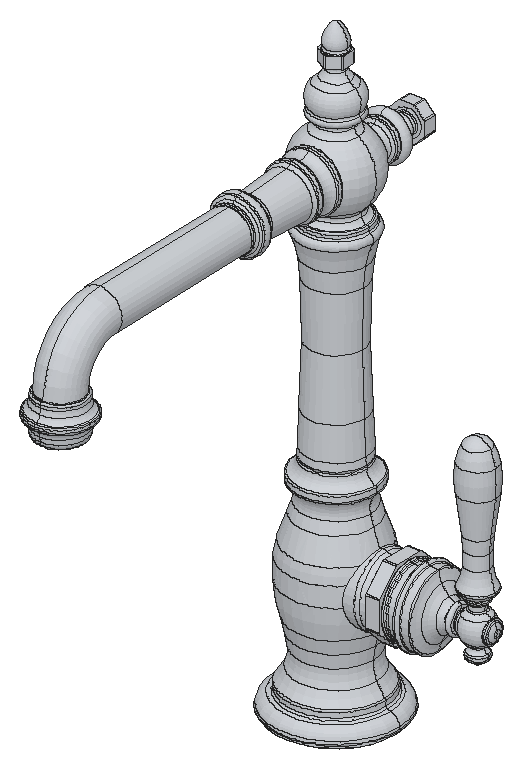
Revit family "Faucet-Bar-KOHLER-Artifacts-K-99267_1", category Plumbing Fixtures, host Face, Revit 2015
Parameters (values of type "CP - Polished Chrome")
  Width = 2 5/8"  # constant formula
  Waste Water Outlet = "Waste Water Outlet"  # constant formula
  Waste Connection = 1 = 0  # no
  Vent Connection = 1 = 0  # no
  URL = "https://www.us.kohler.com/us/"
  Type = 1
  Spout Reach = 7"  # constant formula
  Product Page URL = "http://www.us.kohler.com/us/catalog/productDetails.jsp?productNumber=99267"
  Product Name = "Artifacts"  # constant formula
  Product Documentation Link = "http://www.us.kohler.com/onlinecatalog/pdf/K-99267_spec.pdf"
  Pressure = 60.00 psi  # constant formula
  Model = if(Type = 1, "K-99267-CP", if(Type = 2, "K-99267-SN", if(Type = 3, "K-99267-VS", if(Type = 4, "K-99267-2BZ", "NA"))))  # "K-99267-CP"
  Material = "Premium Metal Construction"  # constant formula
  MasterFormat 2004 = "22.41.39"  # constant formula
  MasterFormat 1995 = "15410"  # constant formula
  Manufacturer Address = "444 Highland Dr, Kohler, WI 53044"  # constant formula
  Manufacturer = "KOHLER Co."  # constant formula
  Length = 9 13/16"  # constant formula
  Hot Water Inlet = "Hot Water Inlet"  # constant formula
  Height = 12 9/16"  # constant formula
  Handle Clearance = 2 1/2"  # constant formula
  HW Connection = 1 = 1  # yes
  Flow Rate = 1.5 GPM  # constant formula
  Finish = Kohler-Metal-CP-Polished_Chrome
  Faucet Hole Spacing = 0"
  Environmental Product Declaration = ""
  Drain Included = 1 = 0  # no
  Description = "Bar sink faucet, Victorian spout design"  # constant formula
  Default Elevation = 36"
  Declare Label = ""
  Date Modified = "10/15/2018"  # constant formula
  Date Created = "10/15/2018"  # constant formula
  Copyright = "Copyright KOHLER Co."  # constant formula
  Contact Us = "https://www.us.kohler.com/us/static/contact.jsp"
  Cold Water Inlet = "Cold Water Inlet"  # constant formula
  CW Connection = 1 = 1  # yes
  Assembly Code = "D2010"
  ADA Compliant = 1 = 1  # yes
Reference planes (in)
  plane 1 "Center (Front/Back)": y = 0
  plane 2: z = 0
  plane 3 "Center (Left/Right)": x = 0
  plane 4: y = 2.16758
  plane 5: y = -7.64492
  plane 6: x = -1.3125
  plane 7: z = 12.5625
  plane 8: y = -7
  plane 9: x = 1.3125
Dimensions and locks (in)
  "Height": level to plane 7
  "Spout Reach": plane 1 "Center (Front/Back)" to plane 8
  "Length": plane 4 to plane 5
  "Width": plane 6 to plane 9
  aligned and locked: plane 2 to host face
  aligned and locked: level to host face
Automatic sketch dimensions
  host sketch curve to host sketch curve = 96"  (x2)
Nested families (in)
  nested 1: "K-99267" at (0, 0, 0), type "K-99267"
Connectors (in)
  piping at (-0.48354, 0, 0), diameter 0.375, driven by "Flow Rate", driven by "Pressure", driven by "HW Connection", driven by "Hot Water Inlet"
    settings: on nested 1, index 1, connector inside diameter 24", connector length 0", flow factor 0, pipe flow 1.5 GPM, pressure drop 60.00 psi, fitting loss kfactor 0, connector angle 0.00°, fixture units 0, engagement length 0", angle of deflection 0.00°, flow configuration 1, flow direction 1, fitting loss method 4, system type 19, joint type 0, gender type 0, connector reference index -1, connector utility 1, adjustable connector no, is connector primary yes, connector description "Hot Water Inlet"
  piping at (0.48354, 0, 0), diameter 0.375, driven by "Flow Rate", driven by "Pressure", driven by "CW Connection", driven by "Cold Water Inlet"
    settings: on nested 1, index 2, connector inside diameter 24", connector length 0", flow factor 0, pipe flow 1.5 GPM, pressure drop 60.00 psi, fitting loss kfactor 0, connector angle 0.00°, fixture units 0, engagement length 0", angle of deflection 0.00°, flow configuration 1, flow direction 1, fitting loss method 4, system type 20, joint type 0, gender type 0, connector reference index -1, connector utility 1, adjustable connector no, is connector primary no, connector description "Cold Water Inlet"
Definition of nested family "K-99267"
  Parameters (values of type "K-99267")
    Material = none
  Reference planes (in)
    plane 1 "Center (Front/Back)": y = 0
    plane 2: z = 0
    plane 3 "Center (Left/Right)": x = 0
    plane 4: y = 2.16758
    plane 5: y = -7.64492
    plane 6: x = -1.3125
    plane 7: x = 1.3125
    plane 8: x = 2.29513
    plane 9: z = 6
    plane 10: y = -7
    plane 11: z = 8
    plane 12: z = 12.5625
  Forms (in)
    Revolve 1, solid, material <- "Material", detail levels medium+fine
      sketch origin (0, 0, 0) x (1, 0, 0) y (0, 0, 1)
        loop
          arc (-0.60161, 4.70084) -> (-0.61895, 4.69369) -> (-0.6262, 4.6764) r 0.02459
          arc (-0.6262, 4.6764) -> (-0.67457, 4.53002) -> (-0.7996, 4.43985) r 0.25
          arc (-0.7996, 4.43985) -> (-0.81445, 4.42911) -> (-0.82013, 4.41168) r 0.0296
          line (-0.82013, 4.41168) -> (-0.82013, 4.30357)
          arc (-0.82013, 4.30357) -> (-0.81558, 4.28167) -> (-0.80267, 4.26341) r 0.05492
          arc (-0.80267, 4.26341) -> (-0.69998, 4.09461) -> (-0.70009, 3.89703) r 0.36568
          arc (-0.70009, 3.89703) -> (-0.73504, 3.78372) -> (-0.77562, 3.6723) r 2.36552
          arc (-0.77562, 3.6723) -> (-0.86483, 3.43077) -> (-0.94403, 3.18577) r 6.26197
          arc (-0.94403, 3.18577) -> (-0.97996, 3.03558) -> (-0.99847, 2.88227) r 1.34785
          arc (-0.99847, 2.88227) -> (-1.00611, 2.68179) -> (-1.00381, 2.48118) r 4.04828
          arc (-1.00381, 2.48118) -> (-0.97046, 2.14962) -> (-0.89509, 1.82502) r 2.60678
          arc (-0.89509, 1.82502) -> (-0.85331, 1.67891) -> (-0.81552, 1.53171) r 5.58851
          arc (-0.81552, 1.53171) -> (-0.78736, 1.39408) -> (-0.76916, 1.25477) r 1.9555
          arc (-0.76916, 1.25477) -> (-0.77612, 1.06984) -> (-0.83097, 0.89309) r 0.705
          arc (-0.83097, 0.89309) -> (-0.90566, 0.75434) -> (-0.99679, 0.62579) r 1.28478
          arc (-0.99679, 0.62579) -> (-1.00635, 0.60862) -> (-1.00967, 0.58925) r 0.05826
          line (-1.00967, 0.58925) -> (-1.00967, 0.49075)
          arc (-1.00967, 0.49075) -> (-1.01787, 0.4641) -> (-1.03965, 0.44668) r 0.04739
          arc (-1.03965, 0.44668) -> (-1.07441, 0.4335) -> (-1.10953, 0.4213) r 1.33753
          arc (-1.10953, 0.4213) -> (-1.22687, 0.34456) -> (-1.29092, 0.21985) r 0.27414
          arc (-1.29092, 0.21985) -> (-1.29622, 0.19122) -> (-1.29963, 0.1623) r 0.44344
          arc (-1.29963, 0.1623) -> (-1.29424, 0.14655) -> (-1.279, 0.13985) r 0.0207
          line (-1.279, 0.13985) -> (-1.24047, 0.13985) -> (-1.24047, 0.06985) -> (-1.12281, 0.06985) -> (-1.13519, 0.02364)
          arc (-1.13519, 0.02364) -> (-1.13254, 0.00811) -> (-1.11904, 0) r 0.01887
          line (-1.11904, 0) -> (0, 0) -> (0, 12.61984)
          spline (0, 12.61984) -> (-0.04161, 12.60869) -> (-0.077, 12.5839) -> (-0.10737, 12.55153) -> (-0.13376, 12.51621) -> (-0.1569, 12.47946) -> (-0.17736, 12.4414) -> (-0.19572, 12.40212) -> (-0.21192, 12.36165) -> (-0.22396, 12.31982) -> (-0.22946, 12.27644) -> (-0.22656, 12.23183) -> (-0.21599, 12.18876)
          arc (-0.21599, 12.18876) -> (-0.21435, 12.1565) -> (-0.22989, 12.12818) r 0.05923
          arc (-0.22989, 12.12818) -> (-0.23933, 12.11387) -> (-0.24264, 12.09706) r 0.04434
          line (-0.24264, 12.09706) -> (-0.24264, 11.92036)
          arc (-0.24264, 11.92036) -> (-0.23586, 11.89313) -> (-0.21709, 11.87226) r 0.05803
          arc (-0.21709, 11.87226) -> (-0.18311, 11.82736) -> (-0.18367, 11.77104) r 0.08718
          arc (-0.18367, 11.77104) -> (-0.22431, 11.68917) -> (-0.28352, 11.61954) r 0.37575
          arc (-0.28352, 11.61954) -> (-0.34031, 11.5678) -> (-0.39762, 11.51665) r 7.39438
          arc (-0.39762, 11.51665) -> (-0.50632, 11.3211) -> (-0.46787, 11.1007) r 0.3354
          arc (-0.46787, 11.1007) -> (-0.46237, 11.06813) -> (-0.4789, 11.03953) r 0.04875
          arc (-0.4789, 11.03953) -> (-0.50273, 10.97539) -> (-0.46015, 10.92183) r 0.06962
          arc (-0.46015, 10.92183) -> (-0.43731, 10.91269) -> (-0.41438, 10.90376) r 2.62318
          arc (-0.41438, 10.90376) -> (-0.36938, 10.86385) -> (-0.36174, 10.80418) r 0.08561
          arc (-0.36174, 10.80418) -> (-0.39579, 10.72835) -> (-0.4556, 10.67061) r 0.21958
          arc (-0.4556, 10.67061) -> (-0.82416, 10.06575) -> (-0.58459, 9.39919) r 0.82077
          arc (-0.58459, 9.39919) -> (-0.54942, 9.36002) -> (-0.51913, 9.31695) r 0.44309
          arc (-0.51913, 9.31695) -> (-0.50298, 9.2715) -> (-0.50693, 9.22343) r 0.1147
          arc (-0.50693, 9.22343) -> (-0.54073, 9.16101) -> (-0.59638, 9.11694) r 0.17662
          arc (-0.59638, 9.11694) -> (-0.61529, 9.11088) -> (-0.63514, 9.11099) r 0.06323
          arc (-0.63514, 9.11099) -> (-0.6554, 9.10538) -> (-0.66423, 9.0863) r 0.02502
          line (-0.66423, 9.0863) -> (-0.66423, 9.02526)
          arc (-0.66423, 9.02526) -> (-0.67171, 8.99859) -> (-0.69197, 8.97969) r 0.0513
          arc (-0.69197, 8.97969) -> (-0.74811, 8.91477) -> (-0.74395, 8.82905) r 0.11547
          arc (-0.74395, 8.82905) -> (-0.66123, 8.60778) -> (-0.6109, 8.37697) r 1.65287
          arc (-0.6109, 8.37697) -> (-0.58558, 8.17152) -> (-0.56871, 7.9652) r 5.04129
          arc (-0.56871, 7.9652) -> (-0.54518, 7.39733) -> (-0.54394, 6.82897) r 14.48586
          arc (-0.54394, 6.82897) -> (-0.55988, 6.20642) -> (-0.58601, 5.58421) r 38.0812
          arc (-0.58601, 5.58421) -> (-0.60156, 5.24412) -> (-0.61409, 4.90391) r 38.26456
          arc (-0.61409, 4.90391) -> (-0.61775, 4.82297) -> (-0.62351, 4.74216) r 3.13555
          arc (-0.62351, 4.74216) -> (-0.61719, 4.72369) -> (-0.59932, 4.71584) r 0.02428
          line (-0.59932, 4.71584) -> (-0.54137, 4.71584) -> (-0.56958, 4.70084) -> (-0.60161, 4.70084)
        axis (0, 12.61984) -> (0, 0)
      angle from 0 to 360
    Sweep 2, solid, material <- "Material", detail levels medium+fine
      path origin (0, 0, 0) x (0, 1, 0) y (0, 0, 1)
        loop
          line (-2.48808, 9.98117) -> (-5.98808, 9.98117)
          arc (-5.98808, 9.98117) -> (-6.70654, 9.68358) -> (-7.00413, 8.96512) r 1.01605
          line (-7.00413, 8.96512) -> (-7.00413, 8.75588)
      profile origin (0, -4.23808, 9.98117) x (0, 0, -1) y (1, 0, 0)
        loop
          circle (0, 0) r 0.4375
    Revolve 3, solid, material <- "Material", detail levels medium+fine
      sketch origin (0, 0, 0) x (0, 1, 0) y (0, 0, 1)
        loop
          line (-7.44433, 8.14538) -> (-7.00243, 8.14538) -> (-7.00243, 8.9507) -> (-7.47202, 8.9507)
          arc (-7.47202, 8.9507) -> (-7.49233, 8.94215) -> (-7.50043, 8.92166) r 0.02842
          arc (-7.50043, 8.92166) -> (-7.50012, 8.89252) -> (-7.50046, 8.86338) r 1.30593
          arc (-7.50046, 8.86338) -> (-7.50591, 8.80609) -> (-7.51952, 8.75018) r 0.40029
          arc (-7.51952, 8.75018) -> (-7.55113, 8.6865) -> (-7.60016, 8.63501) r 0.23772
          arc (-7.60016, 8.63501) -> (-7.61429, 8.62506) -> (-7.62926, 8.61644) r 0.18854
          arc (-7.62926, 8.61644) -> (-7.6407, 8.60578) -> (-7.64493, 8.59073) r 0.02893
          line (-7.64493, 8.59073) -> (-7.64493, 8.52909)
          arc (-7.64493, 8.52909) -> (-7.6403, 8.51362) -> (-7.62794, 8.50322) r 0.02819
          arc (-7.62794, 8.50322) -> (-7.60636, 8.4913) -> (-7.58744, 8.47549) r 0.12888
          arc (-7.58744, 8.47549) -> (-7.54545, 8.41731) -> (-7.52306, 8.34915) r 0.23417
          arc (-7.52306, 8.34915) -> (-7.51569, 8.2985) -> (-7.51025, 8.24762) r 1.34168
          arc (-7.51025, 8.24762) -> (-7.50036, 8.20343) -> (-7.47923, 8.16338) r 0.17105
          arc (-7.47923, 8.16338) -> (-7.46396, 8.15015) -> (-7.44433, 8.14538) r 0.04283
        axis (-7.00243, 8.9507) -> (-7.00243, 8.14538)
      angle from 0 to 360
    Revolve 4, solid, material <- "Material", detail levels medium+fine
      sketch origin (0, 0, 0) x (0, 1, 0) y (0, 0, 1)
        loop
          arc (1.14396, 9.58393) -> (1.23519, 9.48137) -> (1.36144, 9.53526) r 0.11753
          arc (1.36144, 9.53526) -> (1.40757, 9.6178) -> (1.44798, 9.70329) r 1.38853
          arc (1.44798, 9.70329) -> (1.46246, 9.73) -> (1.48144, 9.75373) r 0.17069
          arc (1.48144, 9.75373) -> (1.50573, 9.77472) -> (1.53351, 9.79078) r 0.17069
          arc (1.53351, 9.79078) -> (1.55291, 9.79091) -> (1.56584, 9.77644) r 0.02358
          arc (1.56584, 9.77644) -> (1.62127, 9.73582) -> (1.67664, 9.77652) r 0.05807
          arc (1.67664, 9.77652) -> (1.68532, 9.78895) -> (1.69955, 9.79416) r 0.02519
          arc (1.69955, 9.79416) -> (1.73008, 9.79198) -> (1.75929, 9.78285) r 0.13232
          arc (1.75929, 9.78285) -> (1.77408, 9.77363) -> (1.78577, 9.76071) r 0.06296
          arc (1.78577, 9.76071) -> (1.8005, 9.72906) -> (1.80444, 9.69437) r 0.10876
          line (1.80444, 9.69437) -> (2.05921, 9.69437)
          arc (2.05921, 9.69437) -> (2.06784, 9.71099) -> (2.08304, 9.72193) r 0.04034
          arc (2.08304, 9.72193) -> (2.1157, 9.74244) -> (2.13954, 9.77275) r 0.11287
          arc (2.13954, 9.77275) -> (2.15968, 9.81491) -> (2.17558, 9.85885) r 0.47425
          arc (2.17558, 9.85885) -> (2.18928, 9.91918) -> (2.19389, 9.98088) r 0.41597
          line (2.19389, 9.98088) -> (-2.70953, 9.98088) -> (-2.70953, 9.54367)
          arc (-2.70953, 9.54367) -> (-2.6815, 9.54205) -> (-2.65394, 9.53671) r 0.21076
          arc (-2.65394, 9.53671) -> (-2.63818, 9.53186) -> (-2.62288, 9.52573) r 0.2015
          arc (-2.62288, 9.52573) -> (-2.59515, 9.50959) -> (-2.57142, 9.488) r 0.15218
          arc (-2.57142, 9.488) -> (-2.54961, 9.4616) -> (-2.52976, 9.4337) r 0.47392
          arc (-2.52976, 9.4337) -> (-2.51921, 9.42264) -> (-2.50546, 9.41597) r 0.0429
          arc (-2.50546, 9.41597) -> (-2.43102, 9.40613) -> (-2.35677, 9.41734) r 0.26784
          arc (-2.35677, 9.41734) -> (-2.34266, 9.42536) -> (-2.33349, 9.43876) r 0.03613
          arc (-2.33349, 9.43876) -> (-2.26937, 9.51677) -> (-2.17163, 9.54218) r 0.16335
          line (-2.17163, 9.54218) -> (-1.23791, 9.48618)
          arc (-1.23791, 9.48618) -> (-1.19007, 9.47088) -> (-1.15539, 9.43453) r 0.10165
          arc (-1.15539, 9.43453) -> (-1.14456, 9.42351) -> (-1.12963, 9.41946) r 0.02956
          line (-1.12963, 9.41946) -> (-1.04505, 9.41946)
          arc (-1.04505, 9.41946) -> (-1.02903, 9.42273) -> (-1.01557, 9.432) r 0.04092
          arc (-1.01557, 9.432) -> (-0.84741, 9.49288) -> (-0.69653, 9.39687) r 0.20264
          arc (-0.69653, 9.39687) -> (-0.68457, 9.38533) -> (-0.66848, 9.38112) r 0.03284
          line (-0.66848, 9.38112) -> (-0.59409, 9.38112)
          arc (-0.59409, 9.38112) -> (-0.57711, 9.38815) -> (-0.57008, 9.40512) r 0.02401
          line (-0.57008, 9.40512) -> (-0.57008, 9.47282)
          arc (-0.57008, 9.47282) -> (-0.55413, 9.51133) -> (-0.51563, 9.52727) r 0.05445
          line (-0.51563, 9.52727) -> (0.63289, 9.52727)
          arc (0.63289, 9.52727) -> (0.67354, 9.53633) -> (0.70649, 9.5618) r 0.09571
          arc (0.70649, 9.5618) -> (0.74749, 9.60618) -> (0.79291, 9.64604) r 0.5784
          arc (0.79291, 9.64604) -> (0.88162, 9.67683) -> (0.97033, 9.64604) r 0.14319
          arc (0.97033, 9.64604) -> (1.00012, 9.61543) -> (1.02098, 9.57816) r 0.16379
          arc (1.02098, 9.57816) -> (1.03093, 9.56579) -> (1.0461, 9.56114) r 0.02704
          line (1.0461, 9.56114) -> (1.12273, 9.56114)
          arc (1.12273, 9.56114) -> (1.1373, 9.56717) -> (1.14333, 9.58173) r 0.0206
        axis (-2.70953, 9.98088) -> (2.19389, 9.98088)
      angle from 0 to 360
    Revolve 5, solid, material <- "Material", detail levels medium+fine
      sketch origin (0, 0, 0) x (1, 0, 0) y (0, 0, 1)
        loop
          arc (1.59036, 3.28821) -> (1.5704, 3.28957) -> (1.55067, 3.29282) r 0.20916
          arc (1.55067, 3.29282) -> (1.53441, 3.29849) -> (1.52004, 3.30798) r 0.06946
          arc (1.52004, 3.30798) -> (1.5081, 3.3192) -> (1.49724, 3.33148) r 0.17771
          arc (1.49724, 3.33148) -> (1.48287, 3.3405) -> (1.466, 3.33875) r 0.02602
          arc (1.466, 3.33875) -> (1.31085, 3.29021) -> (1.1484, 3.28399) r 0.6155
          arc (1.1484, 3.28399) -> (1.09178, 3.2939) -> (1.03743, 3.3126) r 0.36402
          arc (1.03743, 3.3126) -> (0.9938, 3.32646) -> (0.94826, 3.33115) r 0.22353
          line (0.94826, 3.33115) -> (0.57755, 3.33115) -> (0.57755, 2.60684) -> (2.74956, 2.60684) -> (2.74956, 2.87418) -> (2.68479, 2.87418)
          arc (2.68479, 2.87418) -> (2.64914, 2.86462) -> (2.62305, 2.83853) r 0.07129
          arc (2.62305, 2.83853) -> (2.60418, 2.81948) -> (2.57839, 2.81218) r 0.05272
          line (2.57839, 2.81218) -> (2.54513, 2.81155) -> (2.54513, 2.85917)
          arc (2.54513, 2.85917) -> (2.50852, 2.90715) -> (2.45259, 2.88449) r 0.04974
          arc (2.45259, 2.88449) -> (2.4401, 2.87321) -> (2.42342, 2.87104) r 0.02825
          arc (2.42342, 2.87104) -> (2.35036, 2.89569) -> (2.2881, 2.94117) r 0.25349
          arc (2.2881, 2.94117) -> (2.21012, 3.03558) -> (2.1518, 3.14324) r 0.63249
          arc (2.1518, 3.14324) -> (2.11711, 3.23955) -> (2.09296, 3.33902) r 0.952
          arc (2.09296, 3.33902) -> (2.08498, 3.35262) -> (2.07015, 3.35798) r 0.02321
          line (2.07015, 3.35798) -> (1.90738, 3.35798)
          arc (1.90738, 3.35798) -> (1.89179, 3.36262) -> (1.88127, 3.37504) r 0.02851
          arc (1.88127, 3.37504) -> (1.86128, 3.39894) -> (1.83157, 3.40838) r 0.05572
          arc (1.83157, 3.40838) -> (1.80951, 3.40459) -> (1.79052, 3.39273) r 0.05804
          arc (1.79052, 3.39273) -> (1.78114, 3.37942) -> (1.77783, 3.36347) r 0.04007
          line (1.77783, 3.36347) -> (1.77783, 3.2845) -> (1.59036, 3.28821)
        loop
          arc (3.16255, 2.83317) -> (3.14897, 2.82659) -> (3.14571, 2.81186) r 0.01731
          line (3.14571, 2.81186) -> (3.14571, 2.60684) -> (3.27794, 2.60684)
          arc (3.27794, 2.60684) -> (3.27614, 2.64219) -> (3.27085, 2.6772) r 0.35817
          arc (3.27085, 2.6772) -> (3.2549, 2.73064) -> (3.22957, 2.78032) r 0.30781
          arc (3.22957, 2.78032) -> (3.22204, 2.79592) -> (3.21815, 2.81279) r 0.07749
          arc (3.21815, 2.81279) -> (3.21061, 2.82734) -> (3.1953, 2.83317) r 0.023
          line (3.1953, 2.83317) -> (3.16255, 2.83317)
        axis (3.27794, 2.60684) -> (0.57755, 2.60684)
      angle from 0 to 360
    Revolve 6, solid, material <- "Material", detail levels medium+fine
      sketch origin (0, 0, 0) x (1, 0, 0) y (0, 0, 1)
        loop
          line (2.88416, 1.92234) -> (2.88416, 6.06339)
          arc (2.88416, 6.06339) -> (2.73424, 6.02252) -> (2.6258, 5.91122) r 0.2954
          arc (2.6258, 5.91122) -> (2.56054, 5.76096) -> (2.52529, 5.60097) r 0.85059
          arc (2.52529, 5.60097) -> (2.50884, 5.32802) -> (2.52529, 5.05507) r 2.27256
          arc (2.52529, 5.05507) -> (2.57253, 4.67589) -> (2.62247, 4.29706) r 53.7663
          arc (2.62247, 4.29706) -> (2.63834, 4.15612) -> (2.64785, 4.01461) r 3.15334
          arc (2.64785, 4.01461) -> (2.65088, 3.87039) -> (2.6471, 3.72619) r 3.05223
          arc (2.6471, 3.72619) -> (2.61187, 3.52314) -> (2.52868, 3.33459) r 0.84744
          arc (2.52868, 3.33459) -> (2.52347, 3.31728) -> (2.52703, 3.29956) r 0.03722
          arc (2.52703, 3.29956) -> (2.58881, 3.22363) -> (2.6786, 3.18467) r 0.20657
          arc (2.6786, 3.18467) -> (2.66358, 3.18008) -> (2.65711, 3.16577) r 0.01906
          line (2.65711, 3.16577) -> (2.65711, 3.12646)
          arc (2.65711, 3.12646) -> (2.66314, 3.11138) -> (2.67791, 3.10462) r 0.02186
          arc (2.67791, 3.10462) -> (2.70323, 3.09597) -> (2.72007, 3.07516) r 0.04831
          arc (2.72007, 3.07516) -> (2.72612, 3.05757) -> (2.72971, 3.03931) r 0.13616
          arc (2.72971, 3.03931) -> (2.7336, 2.99436) -> (2.73392, 2.94925) r 0.56945
          arc (2.73392, 2.94925) -> (2.72756, 2.92836) -> (2.71156, 2.91349) r 0.04198
          arc (2.71156, 2.91349) -> (2.6566, 2.8759) -> (2.61159, 2.82683) r 0.29205
          arc (2.61159, 2.82683) -> (2.54077, 2.60879) -> (2.61159, 2.39075) r 0.37105
          arc (2.61159, 2.39075) -> (2.66427, 2.33527) -> (2.72955, 2.29537) r 0.29205
          arc (2.72955, 2.29537) -> (2.75045, 2.27839) -> (2.7599, 2.25318) r 0.05141
          arc (2.7599, 2.25318) -> (2.74297, 2.19008) -> (2.68894, 2.15335) r 0.09377
          arc (2.68894, 2.15335) -> (2.67464, 2.14412) -> (2.66909, 2.12803) r 0.02607
          line (2.66909, 2.12803) -> (2.66909, 2.07205)
          arc (2.66909, 2.07205) -> (2.67407, 2.05606) -> (2.68726, 2.04575) r 0.02812
          arc (2.68726, 2.04575) -> (2.71246, 2.03427) -> (2.73595, 2.0196) r 0.21108
          arc (2.73595, 2.0196) -> (2.75778, 2.00237) -> (2.77803, 1.9833) r 0.31743
          arc (2.77803, 1.9833) -> (2.81136, 1.95419) -> (2.84897, 1.93088) r 0.27177
          arc (2.84897, 1.93088) -> (2.86606, 1.92453) -> (2.88416, 1.92234) r 0.07764
        axis (2.88416, 6.06339) -> (2.88416, 1.92234)
      angle from 0 to 360
    Extrusion 7, solid, material <- "Material", detail levels medium+fine
      sketch origin (0, 0, 0) x (0, 1, 0) y (0, 0, 1)
        loop
          arc (-0.29358, 3.3617) -> (-0.31064, 3.35831) -> (-0.3251, 3.34865) r 0.04457
          line (-0.3251, 3.34865) -> (-0.74076, 2.93298)
          arc (-0.74076, 2.93298) -> (-0.75008, 2.91904) -> (-0.75335, 2.9026) r 0.04297
          line (-0.75335, 2.9026) -> (-0.75335, 2.3141)
          arc (-0.75335, 2.3141) -> (-0.75008, 2.29766) -> (-0.74076, 2.28372) r 0.04297
          line (-0.74076, 2.28372) -> (-0.32463, 1.86759)
          arc (-0.32463, 1.86759) -> (-0.31069, 1.85828) -> (-0.29425, 1.855) r 0.04297
          line (-0.29425, 1.855) -> (0.29425, 1.855)
          arc (0.29425, 1.855) -> (0.31069, 1.85828) -> (0.32463, 1.86759) r 0.04297
          line (0.32463, 1.86759) -> (0.74076, 2.28372)
          arc (0.74076, 2.28372) -> (0.75008, 2.29766) -> (0.75335, 2.3141) r 0.04297
          line (0.75335, 2.3141) -> (0.75335, 2.9026)
          arc (0.75335, 2.9026) -> (0.75008, 2.91904) -> (0.74076, 2.93298) r 0.04297
          line (0.74076, 2.93298) -> (0.32463, 3.34912)
          arc (0.32463, 3.34912) -> (0.31069, 3.35843) -> (0.29425, 3.3617) r 0.04297
          line (0.29425, 3.3617) -> (-0.29358, 3.3617)
      from 1.21544 to 1.49009
    Extrusion 8, solid, material <- "Material", detail levels medium+fine
      sketch origin (0, 0, 0) x (1, 0, 0) y (0, 1, 0)
        loop
          arc (0.25764, 0.13071) -> (0.25346, 0.14633) -> (0.24202, 0.15777) r 0.03125
          line (0.24202, 0.15777) -> (0.01483, 0.28894)
          arc (0.01483, 0.28894) -> (0, 0.29291) -> (-0.01483, 0.28894) r 0.02965
          line (-0.01483, 0.28894) -> (-0.24261, 0.15743)
          arc (-0.24261, 0.15743) -> (-0.25362, 0.14642) -> (-0.25764, 0.13139) r 0.03006
          line (-0.25764, 0.13139) -> (-0.25764, -0.13097)
          arc (-0.25764, -0.13097) -> (-0.25352, -0.14637) -> (-0.24224, -0.15764) r 0.0308
          line (-0.24224, -0.15764) -> (-0.01576, -0.2884)
          arc (-0.01576, -0.2884) -> (0, -0.29262) -> (0.01576, -0.2884) r 0.03151
          line (0.01576, -0.2884) -> (0.2425, -0.15749)
          arc (0.2425, -0.15749) -> (0.25358, -0.14641) -> (0.25764, -0.13126) r 0.03029
          line (0.25764, -0.13126) -> (0.25764, 0.13071)
      from 11.88673 to 12.12024
    Extrusion 9, solid, material <- "Material", detail levels medium+fine
      sketch origin (0, 0, 0) x (1, 0, 0) y (0, 0, 1)
        loop
          arc (-0.13341, 10.34254) -> (-0.14856, 10.33953) -> (-0.1614, 10.33095) r 0.03958
          line (-0.1614, 10.33095) -> (-0.35013, 10.14222)
          arc (-0.35013, 10.14222) -> (-0.35867, 10.12944) -> (-0.36167, 10.11436) r 0.0394
          line (-0.36167, 10.11436) -> (-0.36167, 9.84782)
          arc (-0.36167, 9.84782) -> (-0.35859, 9.83234) -> (-0.34982, 9.81922) r 0.04045
          line (-0.34982, 9.81922) -> (-0.16181, 9.63122)
          arc (-0.16181, 9.63122) -> (-0.14851, 9.62233) -> (-0.13283, 9.61921) r 0.041
          line (-0.13283, 9.61921) -> (0.13311, 9.61921)
          arc (0.13311, 9.61921) -> (0.14854, 9.62228) -> (0.16161, 9.63101) r 0.0403
          line (0.16161, 9.63101) -> (0.34998, 9.81939)
          arc (0.34998, 9.81939) -> (0.35863, 9.83233) -> (0.36167, 9.84759) r 0.03989
          line (0.36167, 9.84759) -> (0.36167, 10.11428)
          arc (0.36167, 10.11428) -> (0.35865, 10.12943) -> (0.35007, 10.14228) r 0.0396
          line (0.35007, 10.14228) -> (0.16156, 10.33078)
          arc (0.16156, 10.33078) -> (0.14854, 10.33949) -> (0.13318, 10.34254) r 0.04014
          line (0.13318, 10.34254) -> (-0.13341, 10.34254)
      from -2.05921 to -1.80444
    Extrusion 10, solid, material <- "Material", detail levels coarse
      sketch origin (0, 0, 0) x (1, 0, 0) y (0, 1, 0)
        loop
          circle (0, 0) r 1.30022
      from 0 to 0.48804
    Extrusion 11, solid, material <- "Material", detail levels coarse
      sketch origin (0, 0, 0) x (1, 0, 0) y (0, 1, 0)
        loop
          circle (0, 0) r 1.01196
      from 0.48804 to 12.61953
    Sweep 12, solid, material <- "Material", detail levels coarse
      path origin (0, 0, 0) x (0, 1, 0) y (0, 0, 1)
        loop
          line (2.19387, 9.98117) -> (-5.98808, 9.98117)
          arc (-5.98808, 9.98117) -> (-6.70654, 9.68358) -> (-7.00413, 8.96512) r 1.01605
          line (-7.00413, 8.96512) -> (-7.00413, 8.14575)
      profile origin (0, -1.8971, 9.98117) x (0, 0, -1) y (1, 0, 0)
        loop
          circle (0, 0) r 0.60065
    Extrusion 13, solid, material <- "Material", detail levels coarse
      sketch origin (0, 0, 0) x (0, 1, 0) y (0, 0, 1)
        loop
          circle (0, 2.60684) r 0.80722
      from 0 to 2.41313
    Extrusion 14, solid, material <- "Material", detail levels coarse
      sketch origin (0, 0, 0) x (1, 0, 0) y (0, 1, 0)
        loop
          circle (2.88416, 0) r 0.37667
      from 1.9222 to 6.06324
    Extrusion 15, solid, material <- "Material", detail levels coarse
      sketch origin (0, 0, 0) x (0, 1, 0) y (0, 0, 1)
        loop
          circle (0, 2.60684) r 0.23081
      from 2.31497 to 3.27736
    Extrusion 16, solid, material <- "Material", detail levels medium+fine
      sketch origin (0, 0, 0) x (1, 0, 0) y (0, 1, 0)
        loop
          circle (-0.48354, 0) r 0.1875
        loop
          circle (0.48354, 0) r 0.1875
      from 0 to 0.0345
  Cuts and joins
    joined: Sweep 2, Revolve 3, Revolve 6
    joined: Revolve 1, Revolve 4, Revolve 5, Extrusion 7, Extrusion 8, Extrusion 9
    joined: Extrusion 10, Extrusion 11, Sweep 12, Extrusion 13, Extrusion 14, Extrusion 15
  Lines and regions (in)
    Masking region 1
      outline origin (0, 0, 0) x (1, 0, 0) y (0, 1, 0)
        loop
          arc (-0.49384, 1.21605) -> (-1.3125, 0.00123) -> (-0.49612, -1.21512) r 1.3125
          line (-0.49612, -1.21512) -> (-0.43869, -2.17256)
          arc (-0.43869, -2.17256) -> (-0.4641, -2.27029) -> (-0.54211, -2.33441) r 0.16335
          arc (-0.54211, -2.33441) -> (-0.55551, -2.34358) -> (-0.56354, -2.35769) r 0.03613
          arc (-0.56354, -2.35769) -> (-0.57475, -2.43194) -> (-0.5649, -2.50638) r 0.26784
          arc (-0.5649, -2.50638) -> (-0.55824, -2.52013) -> (-0.54718, -2.53068) r 0.0429
          arc (-0.54718, -2.53068) -> (-0.51927, -2.55053) -> (-0.49288, -2.57234) r 0.47392
          arc (-0.49288, -2.57234) -> (-0.47128, -2.59607) -> (-0.45514, -2.6238) r 0.15218
          arc (-0.45514, -2.6238) -> (-0.44902, -2.63911) -> (-0.44416, -2.65486) r 0.2015
          arc (-0.44416, -2.65486) -> (-0.43917, -2.68034) -> (-0.4375, -2.70625) r 0.2015
          line (-0.4375, -2.70625) -> (-0.4375, -6.53462)
          arc (-0.4375, -6.53462) -> (0, -7.64493) -> (0.4375, -6.53462) r 0.64135
          line (0.4375, -6.53462) -> (0.4375, -2.70625)
          arc (0.4375, -2.70625) -> (0.43917, -2.68034) -> (0.44416, -2.65486) r 0.2015
          arc (0.44416, -2.65486) -> (0.44902, -2.63911) -> (0.45514, -2.6238) r 0.2015
          arc (0.45514, -2.6238) -> (0.47128, -2.59607) -> (0.49288, -2.57234) r 0.15218
          arc (0.49288, -2.57234) -> (0.51927, -2.55053) -> (0.54718, -2.53068) r 0.47392
          arc (0.54718, -2.53068) -> (0.55824, -2.52013) -> (0.5649, -2.50638) r 0.0429
          arc (0.5649, -2.50638) -> (0.57475, -2.43194) -> (0.56354, -2.35769) r 0.26784
          arc (0.56354, -2.35769) -> (0.55551, -2.34358) -> (0.54211, -2.33441) r 0.03613
          arc (0.54211, -2.33441) -> (0.4641, -2.27029) -> (0.43869, -2.17256) r 0.16335
          line (0.43869, -2.17256) -> (0.49612, -1.21512)
          arc (0.49612, -1.21512) -> (0.85237, -0.99806) -> (1.12252, -0.68016) r 1.3125
          arc (1.12252, -0.68016) -> (1.16887, -0.67557) -> (1.21544, -0.6745) r 0.6155
          line (1.21544, -0.6745) -> (1.21544, -0.71543)
          arc (1.21544, -0.71543) -> (1.21999, -0.73141) -> (1.23227, -0.7426) r 0.03036
          arc (1.23227, -0.7426) -> (1.25448, -0.75063) -> (1.27794, -0.75335) r 0.10246
          line (1.27794, -0.75335) -> (1.42759, -0.75335)
          arc (1.42759, -0.75335) -> (1.47345, -0.74251) -> (1.50962, -0.71228) r 0.10246
          arc (1.50962, -0.71228) -> (1.52776, -0.69541) -> (1.55067, -0.68598) r 0.06946
          arc (1.55067, -0.68598) -> (1.57041, -0.68273) -> (1.59037, -0.68138) r 0.20916
          line (1.59037, -0.68138) -> (1.77783, -0.67766) -> (1.77783, -0.75663)
          arc (1.77783, -0.75663) -> (1.78114, -0.77258) -> (1.79053, -0.78589) r 0.04007
          arc (1.79053, -0.78589) -> (1.80952, -0.79775) -> (1.83158, -0.80154) r 0.05804
          arc (1.83158, -0.80154) -> (1.86128, -0.79211) -> (1.88128, -0.7682) r 0.05572
          arc (1.88128, -0.7682) -> (1.89179, -0.75578) -> (1.90738, -0.75114) r 0.02851
          line (1.90738, -0.75114) -> (2.07015, -0.75114)
          arc (2.07015, -0.75114) -> (2.08498, -0.74578) -> (2.09297, -0.73218) r 0.02321
          arc (2.09297, -0.73218) -> (2.11712, -0.63271) -> (2.15181, -0.5364) r 0.952
          arc (2.15181, -0.5364) -> (2.21013, -0.42874) -> (2.2881, -0.33433) r 0.63249
          arc (2.2881, -0.33433) -> (2.35037, -0.28886) -> (2.42342, -0.2642) r 0.25349
          arc (2.42342, -0.2642) -> (2.4401, -0.26638) -> (2.45259, -0.27765) r 0.02825
          arc (2.45259, -0.27765) -> (2.50852, -0.30031) -> (2.54514, -0.25233) r 0.04974
          line (2.54514, -0.25233) -> (2.54514, -0.21989)
          arc (2.54514, -0.21989) -> (2.55586, -0.20538) -> (2.57288, -0.21136) r 0.01518
          arc (2.57288, -0.21136) -> (2.79299, -0.36504) -> (3.05951, -0.33289) r 0.37625
          arc (3.05951, -0.33289) -> (3.11832, -0.29424) -> (3.16862, -0.24502) r 0.36488
          arc (3.16862, -0.24502) -> (3.17969, -0.23243) -> (3.19531, -0.22633) r 0.03541
          arc (3.19531, -0.22633) -> (3.21062, -0.2205) -> (3.21816, -0.20596) r 0.023
          arc (3.21816, -0.20596) -> (3.22204, -0.18908) -> (3.22958, -0.17348) r 0.07749
          arc (3.22958, -0.17348) -> (3.25491, -0.1238) -> (3.27085, -0.07036) r 0.30781
          arc (3.27085, -0.07036) -> (3.27614, -0.03535) -> (3.27794, 0) r 0.35817
          arc (3.27794, 0) -> (3.27614, 0.03535) -> (3.27085, 0.07036) r 0.35817
          arc (3.27085, 0.07036) -> (3.25491, 0.1238) -> (3.22958, 0.17348) r 0.30781
          arc (3.22958, 0.17348) -> (3.22204, 0.18908) -> (3.21816, 0.20596) r 0.07749
          arc (3.21816, 0.20596) -> (3.21062, 0.2205) -> (3.19531, 0.22633) r 0.023
          arc (3.19531, 0.22633) -> (3.17969, 0.23243) -> (3.16862, 0.24502) r 0.03541
          arc (3.16862, 0.24502) -> (3.11832, 0.29424) -> (3.05951, 0.33289) r 0.36488
          arc (3.05951, 0.33289) -> (2.79299, 0.36504) -> (2.57288, 0.21136) r 0.37625
          arc (2.57288, 0.21136) -> (2.55586, 0.20538) -> (2.54514, 0.21989) r 0.01518
          line (2.54514, 0.21989) -> (2.54514, 0.25233)
          arc (2.54514, 0.25233) -> (2.50852, 0.30031) -> (2.45259, 0.27765) r 0.04974
          arc (2.45259, 0.27765) -> (2.4401, 0.26638) -> (2.42342, 0.2642) r 0.02825
          arc (2.42342, 0.2642) -> (2.35037, 0.28886) -> (2.2881, 0.33433) r 0.25349
          arc (2.2881, 0.33433) -> (2.21013, 0.42874) -> (2.15181, 0.5364) r 0.63249
          arc (2.15181, 0.5364) -> (2.11712, 0.63271) -> (2.09297, 0.73218) r 0.952
          arc (2.09297, 0.73218) -> (2.08498, 0.74578) -> (2.07015, 0.75114) r 0.02321
          line (2.07015, 0.75114) -> (1.90738, 0.75114)
          arc (1.90738, 0.75114) -> (1.89179, 0.75578) -> (1.88128, 0.7682) r 0.02851
          arc (1.88128, 0.7682) -> (1.86128, 0.79211) -> (1.83158, 0.80154) r 0.05572
          arc (1.83158, 0.80154) -> (1.80952, 0.79775) -> (1.79053, 0.78589) r 0.05804
          arc (1.79053, 0.78589) -> (1.78114, 0.77258) -> (1.77783, 0.75663) r 0.04007
          line (1.77783, 0.75663) -> (1.77783, 0.67766) -> (1.59037, 0.68138)
          arc (1.59037, 0.68138) -> (1.57041, 0.68273) -> (1.55067, 0.68598) r 0.20916
          arc (1.55067, 0.68598) -> (1.52776, 0.69541) -> (1.50962, 0.71228) r 0.06946
          arc (1.50962, 0.71228) -> (1.47345, 0.74251) -> (1.42759, 0.75335) r 0.10246
          line (1.42759, 0.75335) -> (1.27794, 0.75335)
          arc (1.27794, 0.75335) -> (1.25448, 0.75063) -> (1.23227, 0.7426) r 0.10246
          arc (1.23227, 0.7426) -> (1.21999, 0.73141) -> (1.21544, 0.71543) r 0.03036
          line (1.21544, 0.71543) -> (1.21544, 0.6745)
          arc (1.21544, 0.6745) -> (1.16887, 0.67557) -> (1.12252, 0.68016) r 0.6155
          arc (1.12252, 0.68016) -> (0.85144, 0.99885) -> (0.49384, 1.21605) r 1.3125
          arc (0.49384, 1.21605) -> (0.4963, 1.29715) -> (0.44562, 1.36052) r 0.11753
          arc (0.44562, 1.36052) -> (0.36308, 1.40665) -> (0.27759, 1.44706) r 1.38853
          arc (0.27759, 1.44706) -> (0.25087, 1.46154) -> (0.22715, 1.48052) r 0.17069
          arc (0.22715, 1.48052) -> (0.20616, 1.50481) -> (0.19009, 1.53259) r 0.17069
          arc (0.19009, 1.53259) -> (0.18997, 1.55199) -> (0.20443, 1.56492) r 0.02358
          arc (0.20443, 1.56492) -> (0.24505, 1.62035) -> (0.20435, 1.67572) r 0.05807
          arc (0.20435, 1.67572) -> (0.19192, 1.6844) -> (0.18672, 1.69863) r 0.02519
          arc (0.18672, 1.69863) -> (0.18889, 1.72916) -> (0.19802, 1.75837) r 0.13232
          arc (0.19802, 1.75837) -> (0.20725, 1.77316) -> (0.22017, 1.78485) r 0.06296
          arc (0.22017, 1.78485) -> (0.24931, 1.79884) -> (0.28128, 1.80364) r 0.10876
          line (0.28128, 1.80364) -> (0.33042, 1.80444)
          arc (0.33042, 1.80444) -> (0.35251, 1.81359) -> (0.36167, 1.83569) r 0.03125
          line (0.36167, 1.83569) -> (0.36167, 2.02907)
          arc (0.36167, 2.02907) -> (0.35284, 2.05038) -> (0.33153, 2.05921) r 0.03014
          line (0.33153, 2.05921) -> (0.28336, 2.05921)
          arc (0.28336, 2.05921) -> (0.26758, 2.06907) -> (0.2579, 2.08496) r 0.04034
          arc (0.2579, 2.08496) -> (0.24556, 2.10624) -> (0.22558, 2.12057) r 0.05859
          arc (0.22558, 2.12057) -> (-0.00009, 2.16758) -> (-0.22575, 2.1205) r 0.56476
          arc (-0.22575, 2.1205) -> (-0.24563, 2.10622) -> (-0.25788, 2.08503) r 0.05823
          arc (-0.25788, 2.08503) -> (-0.26756, 2.06909) -> (-0.28336, 2.05921) r 0.04034
          line (-0.28336, 2.05921) -> (-0.33153, 2.05921)
          arc (-0.33153, 2.05921) -> (-0.35284, 2.05038) -> (-0.36167, 2.02907) r 0.03014
          line (-0.36167, 2.02907) -> (-0.36167, 1.83569)
          arc (-0.36167, 1.83569) -> (-0.35251, 1.81359) -> (-0.33042, 1.80444) r 0.03125
          line (-0.33042, 1.80444) -> (-0.28128, 1.80444)
          arc (-0.28128, 1.80444) -> (-0.24931, 1.79884) -> (-0.22017, 1.78485) r 0.10876
          arc (-0.22017, 1.78485) -> (-0.20725, 1.77316) -> (-0.19802, 1.75837) r 0.06296
          arc (-0.19802, 1.75837) -> (-0.18889, 1.72916) -> (-0.18672, 1.69863) r 0.13232
          arc (-0.18672, 1.69863) -> (-0.19192, 1.6844) -> (-0.20435, 1.67572) r 0.02519
          arc (-0.20435, 1.67572) -> (-0.24505, 1.62035) -> (-0.20443, 1.56492) r 0.05807
          arc (-0.20443, 1.56492) -> (-0.18997, 1.55199) -> (-0.19009, 1.53259) r 0.02358
          arc (-0.19009, 1.53259) -> (-0.20616, 1.50481) -> (-0.22715, 1.48052) r 0.17069
          arc (-0.22715, 1.48052) -> (-0.25087, 1.46154) -> (-0.27759, 1.44706) r 0.17069
          arc (-0.27759, 1.44706) -> (-0.36308, 1.40665) -> (-0.44562, 1.36052) r 1.38853
          arc (-0.44562, 1.36052) -> (-0.4963, 1.29715) -> (-0.49384, 1.21605) r 0.11753
    Masking region 2
      outline origin (0, 0, 0) x (1, 0, 0) y (0, 0, 1)
        loop
          arc (-0.61452, 4.70084) -> (-0.63186, 4.69369) -> (-0.63911, 4.6764) r 0.02459
          arc (-0.63911, 4.6764) -> (-0.68748, 4.53002) -> (-0.81251, 4.43985) r 0.25
          arc (-0.81251, 4.43985) -> (-0.82736, 4.42911) -> (-0.83304, 4.41168) r 0.0296
          line (-0.83304, 4.41168) -> (-0.83304, 4.30357)
          arc (-0.83304, 4.30357) -> (-0.82849, 4.28167) -> (-0.81558, 4.26341) r 0.05492
          arc (-0.81558, 4.26341) -> (-0.71289, 4.09461) -> (-0.713, 3.89703) r 0.36568
          arc (-0.713, 3.89703) -> (-0.74794, 3.78372) -> (-0.78853, 3.6723) r 2.36552
          arc (-0.78853, 3.6723) -> (-0.87774, 3.43077) -> (-0.95694, 3.18577) r 6.26197
          arc (-0.95694, 3.18577) -> (-0.99287, 3.03558) -> (-1.01138, 2.88227) r 1.34785
          arc (-1.01138, 2.88227) -> (-1.01902, 2.68179) -> (-1.01671, 2.48118) r 4.04828
          arc (-1.01671, 2.48118) -> (-0.98337, 2.14962) -> (-0.908, 1.82502) r 2.60678
          arc (-0.908, 1.82502) -> (-0.86622, 1.67891) -> (-0.82843, 1.53171) r 5.58851
          arc (-0.82843, 1.53171) -> (-0.80027, 1.39408) -> (-0.78207, 1.25477) r 1.9555
          arc (-0.78207, 1.25477) -> (-0.78903, 1.06984) -> (-0.84388, 0.89309) r 0.705
          arc (-0.84388, 0.89309) -> (-0.91857, 0.75434) -> (-1.00969, 0.62579) r 1.28478
          arc (-1.00969, 0.62579) -> (-1.01926, 0.60862) -> (-1.02258, 0.58925) r 0.05826
          line (-1.02258, 0.58925) -> (-1.02258, 0.49075)
          arc (-1.02258, 0.49075) -> (-1.03078, 0.4641) -> (-1.05256, 0.44668) r 0.04739
          arc (-1.05256, 0.44668) -> (-1.08732, 0.4335) -> (-1.12244, 0.4213) r 1.33753
          arc (-1.12244, 0.4213) -> (-1.23978, 0.34456) -> (-1.30383, 0.21985) r 0.27414
          arc (-1.30383, 0.21985) -> (-1.30913, 0.19122) -> (-1.31254, 0.1623) r 0.44344
          arc (-1.31254, 0.1623) -> (-1.30715, 0.14655) -> (-1.29191, 0.13985) r 0.0207
          line (-1.29191, 0.13985) -> (-1.25338, 0.13985) -> (-1.25338, 0.06985) -> (-1.13571, 0.06985) -> (-1.1481, 0.02364)
          arc (-1.1481, 0.02364) -> (-1.14419, 0.00646) -> (-1.12779, 0) r 0.01887
          line (-1.12779, 0) -> (1.13195, 0)
          arc (1.13195, 0) -> (1.14545, 0.00811) -> (1.1481, 0.02364) r 0.01887
          line (1.1481, 0.02364) -> (1.13571, 0.06985) -> (1.25338, 0.06985) -> (1.25338, 0.13985) -> (1.29191, 0.13985)
          arc (1.29191, 0.13985) -> (1.30715, 0.14655) -> (1.31254, 0.1623) r 0.0207
          arc (1.31254, 0.1623) -> (1.30913, 0.19122) -> (1.30383, 0.21985) r 0.44344
          arc (1.30383, 0.21985) -> (1.23978, 0.34456) -> (1.12244, 0.4213) r 0.27414
          arc (1.12244, 0.4213) -> (1.08732, 0.4335) -> (1.05256, 0.44668) r 1.33753
          arc (1.05256, 0.44668) -> (1.03078, 0.4641) -> (1.02258, 0.49075) r 0.04739
          line (1.02258, 0.49075) -> (1.02258, 0.58925)
          arc (1.02258, 0.58925) -> (1.01926, 0.60862) -> (1.00969, 0.62579) r 0.05826
          arc (1.00969, 0.62579) -> (0.91857, 0.75434) -> (0.84388, 0.89309) r 1.28478
          arc (0.84388, 0.89309) -> (0.78903, 1.06984) -> (0.78207, 1.25477) r 0.705
          arc (0.78207, 1.25477) -> (0.80027, 1.39408) -> (0.82843, 1.53171) r 1.9555
          arc (0.82843, 1.53171) -> (0.86622, 1.67891) -> (0.908, 1.82502) r 5.58851
          arc (0.908, 1.82502) -> (0.91645, 1.85373) -> (0.92458, 1.88253) r 2.60678
          arc (0.92458, 1.88253) -> (0.95483, 1.88231) -> (0.98491, 1.88555) r 0.26414
          arc (0.98491, 1.88555) -> (1.01165, 1.8917) -> (1.03743, 1.90108) r 0.22353
          arc (1.03743, 1.90108) -> (1.09178, 1.91978) -> (1.1484, 1.92968) r 0.36402
          arc (1.1484, 1.92968) -> (1.18189, 1.93193) -> (1.21544, 1.93234) r 0.6155
          line (1.21544, 1.93234) -> (1.21544, 1.8823)
          arc (1.21544, 1.8823) -> (1.22432, 1.86086) -> (1.24576, 1.85198) r 0.03032
          line (1.24576, 1.85198) -> (1.45884, 1.85198)
          arc (1.45884, 1.85198) -> (1.478, 1.85854) -> (1.48911, 1.87548) r 0.03125
          arc (1.48911, 1.87548) -> (1.50408, 1.89109) -> (1.52004, 1.9057) r 0.32978
          arc (1.52004, 1.9057) -> (1.53441, 1.91519) -> (1.55067, 1.92086) r 0.06946
          arc (1.55067, 1.92086) -> (1.5704, 1.92411) -> (1.59036, 1.92546) r 0.20916
          line (1.59036, 1.92546) -> (1.77783, 1.92918) -> (1.77783, 1.85021)
          arc (1.77783, 1.85021) -> (1.78114, 1.83426) -> (1.79052, 1.82094) r 0.04007
          arc (1.79052, 1.82094) -> (1.80951, 1.80909) -> (1.83157, 1.8053) r 0.05804
          arc (1.83157, 1.8053) -> (1.86128, 1.81473) -> (1.88127, 1.83864) r 0.05572
          arc (1.88127, 1.83864) -> (1.89179, 1.85106) -> (1.90738, 1.8557) r 0.02851
          line (1.90738, 1.8557) -> (2.07015, 1.8557)
          arc (2.07015, 1.8557) -> (2.08498, 1.86106) -> (2.09296, 1.87466) r 0.02321
          arc (2.09296, 1.87466) -> (2.11711, 1.97413) -> (2.1518, 2.07044) r 0.952
          arc (2.1518, 2.07044) -> (2.21012, 2.1781) -> (2.2881, 2.27251) r 0.63249
          arc (2.2881, 2.27251) -> (2.35036, 2.31798) -> (2.42342, 2.34264) r 0.25349
          arc (2.42342, 2.34264) -> (2.4401, 2.34046) -> (2.45259, 2.32919) r 0.02825
          arc (2.45259, 2.32919) -> (2.50852, 2.30653) -> (2.54513, 2.3545) r 0.04974
          line (2.54513, 2.3545) -> (2.54513, 2.40213) -> (2.57839, 2.4015)
          arc (2.57839, 2.4015) -> (2.5994, 2.3967) -> (2.61673, 2.38389) r 0.05272
          arc (2.61673, 2.38389) -> (2.66762, 2.3326) -> (2.72955, 2.29537) r 0.29205
          arc (2.72955, 2.29537) -> (2.75045, 2.27839) -> (2.7599, 2.25318) r 0.05141
          arc (2.7599, 2.25318) -> (2.74297, 2.19008) -> (2.68894, 2.15335) r 0.09377
          arc (2.68894, 2.15335) -> (2.67464, 2.14412) -> (2.66909, 2.12803) r 0.02607
          line (2.66909, 2.12803) -> (2.66909, 2.07205)
          arc (2.66909, 2.07205) -> (2.67407, 2.05606) -> (2.68726, 2.04575) r 0.02812
          arc (2.68726, 2.04575) -> (2.71246, 2.03427) -> (2.73595, 2.0196) r 0.21108
          arc (2.73595, 2.0196) -> (2.75778, 2.00237) -> (2.77803, 1.9833) r 0.31743
          arc (2.77803, 1.9833) -> (2.81136, 1.95419) -> (2.84897, 1.93088) r 0.27177
          arc (2.84897, 1.93088) -> (2.86606, 1.92453) -> (2.88416, 1.92234) r 0.07764
          arc (2.88416, 1.92234) -> (2.90225, 1.92453) -> (2.91934, 1.93088) r 0.07764
          arc (2.91934, 1.93088) -> (2.95695, 1.95419) -> (2.99029, 1.9833) r 0.27177
          arc (2.99029, 1.9833) -> (3.01053, 2.00237) -> (3.03237, 2.0196) r 0.31743
          arc (3.03237, 2.0196) -> (3.05585, 2.03427) -> (3.08105, 2.04575) r 0.21108
          arc (3.08105, 2.04575) -> (3.09424, 2.05606) -> (3.09923, 2.07205) r 0.02812
          line (3.09923, 2.07205) -> (3.09923, 2.12803)
          arc (3.09923, 2.12803) -> (3.09367, 2.14412) -> (3.07938, 2.15335) r 0.02607
          arc (3.07938, 2.15335) -> (3.02534, 2.19008) -> (3.00841, 2.25318) r 0.09377
          arc (3.00841, 2.25318) -> (3.01611, 2.27579) -> (3.03319, 2.29248) r 0.05141
          arc (3.03319, 2.29248) -> (3.08829, 2.3229) -> (3.1356, 2.36442) r 0.29205
          arc (3.1356, 2.36442) -> (3.14592, 2.37854) -> (3.16255, 2.38392) r 0.02837
          line (3.16255, 2.38392) -> (3.1953, 2.38392)
          arc (3.1953, 2.38392) -> (3.21061, 2.38976) -> (3.21815, 2.4043) r 0.023
          arc (3.21815, 2.4043) -> (3.22204, 2.42118) -> (3.22957, 2.43677) r 0.07749
          arc (3.22957, 2.43677) -> (3.2549, 2.48646) -> (3.27085, 2.5399) r 0.30781
          arc (3.27085, 2.5399) -> (3.27605, 2.57405) -> (3.27793, 2.60855) r 0.35817
          arc (3.27793, 2.60855) -> (3.27605, 2.64304) -> (3.27085, 2.6772) r 0.35817
          arc (3.27085, 2.6772) -> (3.2549, 2.73064) -> (3.22957, 2.78032) r 0.30781
          arc (3.22957, 2.78032) -> (3.22204, 2.79592) -> (3.21815, 2.81279) r 0.07749
          arc (3.21815, 2.81279) -> (3.21061, 2.82734) -> (3.1953, 2.83317) r 0.023
          line (3.1953, 2.83317) -> (3.16255, 2.83317)
          arc (3.16255, 2.83317) -> (3.14592, 2.83856) -> (3.1356, 2.85267) r 0.02837
          arc (3.1356, 2.85267) -> (3.09879, 2.88647) -> (3.05675, 2.91349) r 0.29205
          arc (3.05675, 2.91349) -> (3.04076, 2.92836) -> (3.03439, 2.94925) r 0.04198
          arc (3.03439, 2.94925) -> (3.03471, 2.99436) -> (3.0386, 3.03931) r 0.56945
          arc (3.0386, 3.03931) -> (3.0422, 3.05757) -> (3.04824, 3.07516) r 0.13616
          arc (3.04824, 3.07516) -> (3.06508, 3.09597) -> (3.09041, 3.10462) r 0.04831
          arc (3.09041, 3.10462) -> (3.10517, 3.11138) -> (3.11121, 3.12646) r 0.02186
          line (3.11121, 3.12646) -> (3.11121, 3.16577)
          arc (3.11121, 3.16577) -> (3.10473, 3.18008) -> (3.08971, 3.18467) r 0.01906
          arc (3.08971, 3.18467) -> (3.1795, 3.22363) -> (3.24128, 3.29956) r 0.20657
          arc (3.24128, 3.29956) -> (3.24484, 3.31728) -> (3.23964, 3.33459) r 0.03722
          arc (3.23964, 3.33459) -> (3.15644, 3.52314) -> (3.12121, 3.72619) r 0.84744
          arc (3.12121, 3.72619) -> (3.11743, 3.87039) -> (3.12046, 4.01461) r 3.05223
          arc (3.12046, 4.01461) -> (3.12997, 4.15612) -> (3.14584, 4.29706) r 3.15334
          arc (3.14584, 4.29706) -> (3.19578, 4.67589) -> (3.24302, 5.05507) r 53.7663
          arc (3.24302, 5.05507) -> (3.25947, 5.32802) -> (3.24302, 5.60097) r 2.27256
          arc (3.24302, 5.60097) -> (3.2281, 5.68699) -> (3.20444, 5.77102) r 0.85059
          arc (3.20444, 5.77102) -> (2.88416, 6.0009) -> (2.56387, 5.77102) r 0.33807
          arc (2.56387, 5.77102) -> (2.54021, 5.68699) -> (2.52529, 5.60097) r 0.85059
          arc (2.52529, 5.60097) -> (2.50884, 5.32802) -> (2.52529, 5.05507) r 2.27256
          arc (2.52529, 5.05507) -> (2.57253, 4.67589) -> (2.62247, 4.29706) r 53.7663
          arc (2.62247, 4.29706) -> (2.63834, 4.15612) -> (2.64785, 4.01461) r 3.15334
          arc (2.64785, 4.01461) -> (2.65088, 3.87039) -> (2.6471, 3.72619) r 3.05223
          arc (2.6471, 3.72619) -> (2.61187, 3.52314) -> (2.52868, 3.33459) r 0.84744
          arc (2.52868, 3.33459) -> (2.52347, 3.31728) -> (2.52703, 3.29956) r 0.03722
          arc (2.52703, 3.29956) -> (2.58881, 3.22363) -> (2.6786, 3.18467) r 0.20657
          arc (2.6786, 3.18467) -> (2.66358, 3.18008) -> (2.65711, 3.16577) r 0.01906
          line (2.65711, 3.16577) -> (2.65711, 3.12646)
          arc (2.65711, 3.12646) -> (2.66314, 3.11138) -> (2.67791, 3.10462) r 0.02186
          arc (2.67791, 3.10462) -> (2.70323, 3.09597) -> (2.72007, 3.07516) r 0.04831
          arc (2.72007, 3.07516) -> (2.72612, 3.05757) -> (2.72971, 3.03931) r 0.13616
          arc (2.72971, 3.03931) -> (2.7336, 2.99436) -> (2.73392, 2.94925) r 0.56945
          arc (2.73392, 2.94925) -> (2.72756, 2.92836) -> (2.71156, 2.91349) r 0.04198
          arc (2.71156, 2.91349) -> (2.66583, 2.88357) -> (2.62648, 2.84565) r 0.29205
          arc (2.62648, 2.84565) -> (2.60751, 2.82162) -> (2.57839, 2.81218) r 0.05272
          line (2.57839, 2.81218) -> (2.54513, 2.81155) -> (2.54513, 2.85917)
          arc (2.54513, 2.85917) -> (2.50852, 2.90715) -> (2.45259, 2.88449) r 0.04974
          arc (2.45259, 2.88449) -> (2.4401, 2.87321) -> (2.42342, 2.87104) r 0.02825
          arc (2.42342, 2.87104) -> (2.35036, 2.89569) -> (2.2881, 2.94117) r 0.25349
          arc (2.2881, 2.94117) -> (2.21012, 3.03558) -> (2.1518, 3.14324) r 0.63249
          arc (2.1518, 3.14324) -> (2.11711, 3.23955) -> (2.09296, 3.33902) r 0.952
          arc (2.09296, 3.33902) -> (2.08498, 3.35262) -> (2.07015, 3.35798) r 0.02321
          line (2.07015, 3.35798) -> (1.90738, 3.35798)
          arc (1.90738, 3.35798) -> (1.89179, 3.36262) -> (1.88127, 3.37504) r 0.02851
          arc (1.88127, 3.37504) -> (1.86128, 3.39894) -> (1.83157, 3.40838) r 0.05572
          arc (1.83157, 3.40838) -> (1.80951, 3.40459) -> (1.79052, 3.39273) r 0.05804
          arc (1.79052, 3.39273) -> (1.78114, 3.37942) -> (1.77783, 3.36347) r 0.04007
          line (1.77783, 3.36347) -> (1.77783, 3.2845) -> (1.59036, 3.28821)
          arc (1.59036, 3.28821) -> (1.5704, 3.28957) -> (1.55067, 3.29282) r 0.20916
          arc (1.55067, 3.29282) -> (1.53441, 3.29849) -> (1.52004, 3.30798) r 0.06946
          arc (1.52004, 3.30798) -> (1.50408, 3.32258) -> (1.48911, 3.3382) r 0.32978
          arc (1.48911, 3.3382) -> (1.478, 3.35514) -> (1.45884, 3.3617) r 0.03125
          line (1.45884, 3.3617) -> (1.24576, 3.3617)
          arc (1.24576, 3.3617) -> (1.22432, 3.35282) -> (1.21544, 3.33138) r 0.03032
          line (1.21544, 3.33138) -> (1.21544, 3.28134)
          arc (1.21544, 3.28134) -> (1.18189, 3.28175) -> (1.1484, 3.28399) r 0.6155
          arc (1.1484, 3.28399) -> (1.09178, 3.2939) -> (1.03743, 3.3126) r 0.36402
          arc (1.03743, 3.3126) -> (0.9938, 3.32646) -> (0.94826, 3.33115) r 0.22353
          line (0.94826, 3.33115) -> (0.91129, 3.33115)
          arc (0.91129, 3.33115) -> (0.85238, 3.50262) -> (0.78853, 3.6723) r 6.26197
          arc (0.78853, 3.6723) -> (0.74794, 3.78372) -> (0.713, 3.89703) r 2.36552
          arc (0.713, 3.89703) -> (0.71289, 4.09461) -> (0.81558, 4.26341) r 0.36568
          arc (0.81558, 4.26341) -> (0.82849, 4.28167) -> (0.83304, 4.30357) r 0.05492
          line (0.83304, 4.30357) -> (0.83304, 4.41168)
          arc (0.83304, 4.41168) -> (0.82736, 4.42911) -> (0.81251, 4.43985) r 0.0296
          arc (0.81251, 4.43985) -> (0.68748, 4.53002) -> (0.63911, 4.6764) r 0.25
          arc (0.63911, 4.6764) -> (0.63186, 4.69369) -> (0.61452, 4.70084) r 0.02459
          line (0.61452, 4.70084) -> (0.58249, 4.70084) -> (0.55428, 4.71584) -> (0.61222, 4.71584)
          arc (0.61222, 4.71584) -> (0.6301, 4.72369) -> (0.63642, 4.74216) r 0.02428
          arc (0.63642, 4.74216) -> (0.63066, 4.82297) -> (0.62699, 4.90391) r 3.13555
          arc (0.62699, 4.90391) -> (0.61447, 5.24412) -> (0.59892, 5.58421) r 38.26456
          arc (0.59892, 5.58421) -> (0.57279, 6.20642) -> (0.55685, 6.82897) r 38.0812
          arc (0.55685, 6.82897) -> (0.55809, 7.39733) -> (0.58162, 7.9652) r 14.48586
          arc (0.58162, 7.9652) -> (0.59849, 8.17152) -> (0.62381, 8.37697) r 5.04129
          arc (0.62381, 8.37697) -> (0.67414, 8.60778) -> (0.75686, 8.82905) r 1.65287
          arc (0.75686, 8.82905) -> (0.76102, 8.91477) -> (0.70488, 8.97969) r 0.11547
          arc (0.70488, 8.97969) -> (0.68462, 8.99859) -> (0.67714, 9.02526) r 0.0513
          line (0.67714, 9.02526) -> (0.67714, 9.0863)
          arc (0.67714, 9.0863) -> (0.66831, 9.10538) -> (0.64805, 9.11099) r 0.02502
          arc (0.64805, 9.11099) -> (0.6282, 9.11088) -> (0.60929, 9.11694) r 0.06323
          arc (0.60929, 9.11694) -> (0.55364, 9.16101) -> (0.51984, 9.22343) r 0.17662
          arc (0.51984, 9.22343) -> (0.51588, 9.2715) -> (0.53204, 9.31695) r 0.1147
          arc (0.53204, 9.31695) -> (0.56232, 9.36002) -> (0.5975, 9.39919) r 0.44309
          arc (0.5975, 9.39919) -> (0.83707, 10.06575) -> (0.46851, 10.67061) r 0.82077
          arc (0.46851, 10.67061) -> (0.4087, 10.72835) -> (0.37465, 10.80418) r 0.21958
          arc (0.37465, 10.80418) -> (0.38229, 10.86385) -> (0.42728, 10.90376) r 0.08561
          arc (0.42728, 10.90376) -> (0.45022, 10.91269) -> (0.47306, 10.92183) r 2.62318
          arc (0.47306, 10.92183) -> (0.51564, 10.97539) -> (0.49181, 11.03953) r 0.06962
          arc (0.49181, 11.03953) -> (0.47528, 11.06813) -> (0.48078, 11.1007) r 0.04875
          arc (0.48078, 11.1007) -> (0.51923, 11.3211) -> (0.41053, 11.51665) r 0.3354
          arc (0.41053, 11.51665) -> (0.35321, 11.5678) -> (0.29643, 11.61954) r 7.39438
          arc (0.29643, 11.61954) -> (0.23722, 11.68917) -> (0.19658, 11.77104) r 0.37575
          arc (0.19658, 11.77104) -> (0.19602, 11.82736) -> (0.23, 11.87226) r 0.08718
          arc (0.23, 11.87226) -> (0.24877, 11.89313) -> (0.25555, 11.92036) r 0.05803
          line (0.25555, 11.92036) -> (0.25555, 12.09706)
          arc (0.25555, 12.09706) -> (0.25224, 12.11387) -> (0.2428, 12.12818) r 0.04434
          arc (0.2428, 12.12818) -> (0.22726, 12.1565) -> (0.2289, 12.18876) r 0.05923
          spline (0.2289, 12.18876) -> (0.23515, 12.22858) -> (0.23432, 12.26921) -> (0.226, 12.30807) -> (0.21186, 12.34502) -> (0.19406, 12.38043) -> (0.17441, 12.41459) -> (0.15294, 12.44748) -> (0.12915, 12.47897) -> (0.10252, 12.50893) -> (0.07252, 12.5359) -> (0.03855, 12.55562) -> (0, 12.5625)
          spline (0, 12.5625) -> (-0.03855, 12.55562) -> (-0.07252, 12.5359) -> (-0.10252, 12.50893) -> (-0.12915, 12.47897) -> (-0.15294, 12.44748) -> (-0.17441, 12.41459) -> (-0.19406, 12.38043) -> (-0.21186, 12.34502) -> (-0.226, 12.30807) -> (-0.23432, 12.26921) -> (-0.23515, 12.22858) -> (-0.2289, 12.18876)
          arc (-0.2289, 12.18876) -> (-0.22726, 12.1565) -> (-0.2428, 12.12818) r 0.05923
          arc (-0.2428, 12.12818) -> (-0.25224, 12.11387) -> (-0.25555, 12.09706) r 0.04434
          line (-0.25555, 12.09706) -> (-0.25555, 11.92036)
          arc (-0.25555, 11.92036) -> (-0.24877, 11.89313) -> (-0.23, 11.87226) r 0.05803
          arc (-0.23, 11.87226) -> (-0.19602, 11.82736) -> (-0.19658, 11.77104) r 0.08718
          arc (-0.19658, 11.77104) -> (-0.23722, 11.68917) -> (-0.29643, 11.61954) r 0.37575
          arc (-0.29643, 11.61954) -> (-0.35321, 11.5678) -> (-0.41053, 11.51665) r 7.39438
          arc (-0.41053, 11.51665) -> (-0.51923, 11.3211) -> (-0.48078, 11.1007) r 0.3354
          arc (-0.48078, 11.1007) -> (-0.47528, 11.06813) -> (-0.49181, 11.03953) r 0.04875
          arc (-0.49181, 11.03953) -> (-0.51564, 10.97539) -> (-0.47306, 10.92183) r 0.06962
          arc (-0.47306, 10.92183) -> (-0.45022, 10.91269) -> (-0.42728, 10.90376) r 2.62318
          arc (-0.42728, 10.90376) -> (-0.38229, 10.86385) -> (-0.37465, 10.80418) r 0.08561
          arc (-0.37465, 10.80418) -> (-0.4087, 10.72835) -> (-0.46851, 10.67061) r 0.21958
          arc (-0.46851, 10.67061) -> (-0.83707, 10.06575) -> (-0.5975, 9.39919) r 0.82077
          arc (-0.5975, 9.39919) -> (-0.56232, 9.36002) -> (-0.53204, 9.31695) r 0.44309
          arc (-0.53204, 9.31695) -> (-0.51588, 9.2715) -> (-0.51984, 9.22343) r 0.1147
          arc (-0.51984, 9.22343) -> (-0.55364, 9.16101) -> (-0.60929, 9.11694) r 0.17662
